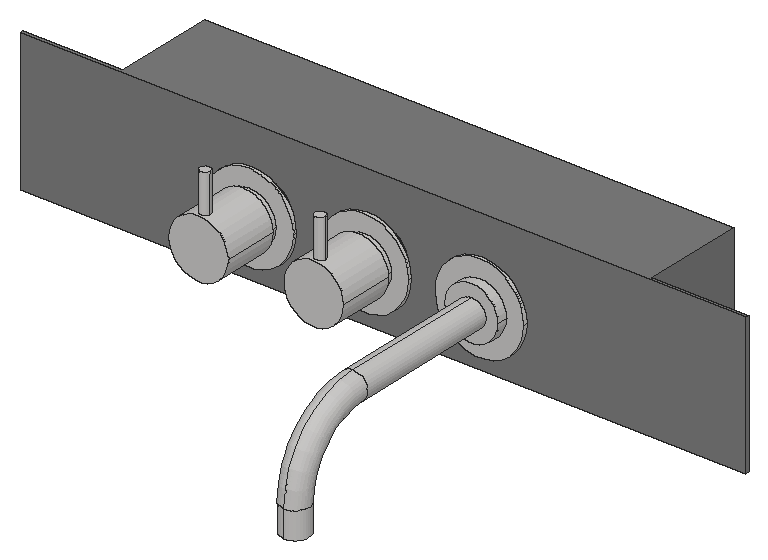
Revit family "611", category Plumbing Fixtures, Revit 2021
Family settings
  Round Connector Dimension = Use Diameter
  Part Type = Normal
  Work Plane-Based = No
  Always vertical = Yes
  Cut with Voids When Loaded = No
  Shared = No
  Room Calculation Point = No
Parameters
  e-mail = "info@vola.com"
  URL = "http://vola.com"
  Telephone = "+45 7023 5500"
  Quality management standard = "ISO 9001"
  Organisation no. / DUNS no. = "17531328"
  Occupational health and safety management standard = "ISO 18001"
  Mounting Instructions = "http://vola.com/service/producturl.ashx?name=611"
  Model = "611"
  Mixer Offset [instance] = 12.00 mm
  Mixer = yes
  Materials and components information = "http://vola.com/service/producturl.ashx?name=611"
  Manufacturer = "VOLA A/S"
  Maintenance Instructions = "http://vola.com/service/producturl.ashx?name=611"
  Guarantee = "2 years"
  Flow = "5,00 l/min"
  Environmental management standard = "ISO 14000"
  Default Elevation = 0.00 mm
  Connection - All relevant connections = "½\" for water connection"
  Approvals = "http://vola.com/service/producturl.ashx?name=611"
Reference planes
  plane 1 "Center (Front/Back)": y = 0
  plane 2: z = 0
  plane 3 "Center (Left/Right)": x = 0
  plane 4 "Mixer plane": y = 12
  plane 5 "Wall Surface": y = 0
Forms (mm)
  Extrusion 1, solid, material "Stainless Steel", visible <- "Mixer"
    sketch origin (-39, 12, -609.6) x (0, 0, -1) y (-1, 0, 0)
      loop
        circle (-609.6, 39) r 18
    from 0 to -12
  Extrusion 2, solid, material "Stainless Steel", visible <- "Mixer"
    sketch origin (-39, 12, -609.6) x (0, 0, -1) y (-1, 0, 0)
      loop
        circle (-609.6, -39) r 17
    from 0 to -12
  Extrusion 3, solid, material "Stainless Steel", visible <- "Mixer"
    sketch origin (-117, 12, -609.6) x (0, 0, -1) y (-1, 0, 0)
      loop
        circle (-609.6, 39) r 18
    from 0 to -12
Dimensions and locks
  "Mixer Offset": plane 4 "Mixer plane" to plane 1 "Center (Front/Back)"
  aligned and locked: plane 2 to level
  aligned and locked: plane 1 "Center (Front/Back)" to Extrusion 1
  aligned and locked: plane 1 "Center (Front/Back)" to Extrusion 2
  aligned and locked: nested 2 to plane 4 "Mixer plane"
  aligned and locked: plane 1 "Center (Front/Back)" to Extrusion 3
Automatic sketch dimensions
  Extrusion 1 sketch curve to level = 0.00 mm
  Extrusion 1 sketch curve to plane 3 "Center (Left/Right)" = 78.00 mm
  Extrusion 2 sketch curve to level = 0.00 mm
  Extrusion 2 sketch curve to plane 3 "Center (Left/Right)" = 0.00 mm
  Extrusion 3 sketch curve to level = 0.00 mm
  Extrusion 3 sketch curve to plane 3 "Center (Left/Right)" = 156.00 mm
  radius of Extrusion 1 sketch curve = 18.00 mm
  radius of Extrusion 2 sketch curve = 17.00 mm
  radius of Extrusion 3 sketch curve = 18.00 mm
Nested families
  nested 1: "001" at (0, 0, 0) x (1, 0, 0) z (0, -1, 0), type "001"
  nested 2: "600" at (-117, 83.5, -55), visible <- "Mixer", type "600"
  nested 3: "010" at (0, -2, 0), type "010"
  nested 4: "NR17" at (-78, -2, 0), type "NR17"
  nested 5: "NR17" at (-156, -2, 0), type "NR17"
  nested 6: "001" at (-78, 0, 0) x (1, 0, 0) z (0, -1, 0), type "001"
  nested 7: "001" at (-156, 0, 0) x (1, 0, 0) z (0, -1, 0), type "001"
Connectors
  piping at (-156, 60, -55), diameter 28
    settings: on nested 2, index 1, connector inside diameter 1.10236", connector length 0.00 mm, flow factor 0, pipe flow 0 GPM, pressure drop 0.00 psi, fitting loss kfactor 0, connector angle 0.00°, fixture units 0, engagement length 0.00 mm, angle of deflection 0.00°, flow configuration 0, flow direction 1, fitting loss method 0, system type 19, joint type 0, gender type 0, connector reference index -1, connector utility 0, adjustable connector no, is connector primary yes, connector description ""
  piping at (-78, 60, -55), diameter 28
    settings: on nested 2, index 2, connector inside diameter 1.10236", connector length 0.00 mm, flow factor 0, pipe flow 0 GPM, pressure drop 0.00 psi, fitting loss kfactor 0, connector angle 0.00°, fixture units 0, engagement length 0.00 mm, angle of deflection 0.00°, flow configuration 0, flow direction 1, fitting loss method 0, system type 20, joint type 0, gender type 0, connector reference index -1, connector utility 0, adjustable connector no, is connector primary no, connector description ""
Definition of nested family "001"
  Parameters
    e-mail = "info@vola.com"
    URL = "http://vola.com"
    Telephone = "+45 7023 5500"
    Quality management standard = "ISO 9001"
    Organisation no. / DUNS no. = "17531328"
    Occupational health and safety management standard = "ISO 18001"
    Mounting Instructions = "http://vola.com/service/producturl.ashx?name=001"
    Model = "001"
    Materials and components information = "http://vola.com/service/producturl.ashx?name=001"
    Manufacturer = "VOLA A/S"
    Maintenance Instructions = "http://vola.com/service/producturl.ashx?name=001"
    Guarantee = "2 years"
    Environmental management standard = "ISO 14000"
    Default Elevation = 1219.20 mm
    Connection - All relevant connections = ""
    Approvals = "http://vola.com/service/producturl.ashx?name=001"
  Reference planes
    plane 1 "Center (Front/Back)": y = 0
    plane 2: z = 0
    plane 3 "Center (Left/Right)": x = 0
  Forms (mm)
    Extrusion 1, solid
      sketch origin (0, 0, 0) x (1, 0, 0) y (0, 1, 0)
        loop
          circle (0, 0) r 16.5
        loop
          circle (0, 0) r 30
      from 0 to 2
  Dimensions and locks
    aligned and locked: plane 2 to level
Definition of nested family "600"
  Parameters
    e-mail = "info@vola.com"
    URL = "http://vola.com"
    Telephone = "+45 7023 5500"
    Quality management standard = "ISO 9001"
    Organisation no. / DUNS no. = "17531328"
    Occupational health and safety management standard = "ISO 18001"
    Mounting Instructions = "http://vola.com/service/producturl.ashx?name=600"
    Model = "600"
    Materials and components information = "http://vola.com/service/producturl.ashx?name=600"
    Manufacturer = "VOLA A/S"
    Maintenance Instructions = "http://vola.com/service/producturl.ashx?name=600"
    Guarantee = "2 years"
    Flow = "65,00 l/min"
    Environmental management standard = "ISO 14000"
    Default Elevation = 0.00 mm
    Connection - All relevant connections = ""
    Approvals = "http://vola.com/service/producturl.ashx?name=600"
  Reference planes
    plane 1 "Center (Front/Back)": y = 0
    plane 2: z = 0
    plane 3 "Center (Left/Right)": x = 0
    plane 4 "Front Plane": y = -71.5
    plane 5 "Inlet Center Plane": y = -23.5
    plane 6: z = 55
  Forms (mm)
    Extrusion 1, solid
      sketch origin (0, 0, -14) x (1, 0, 0) y (0, 1, 0)
        loop
          line (-137.5, 0) -> (-137.5, -69) -> (220.5, -69) -> (220.5, 0) -> (-137.5, 0)
      from 21.5 to 116.5
    Extrusion 2, solid
      sketch origin (51, 1.5, 7.5) x (0, 1, 0) y (1, 0, 0)
        loop
          circle (-25, -12) r 14
      from 0 to 7.5
    Extrusion 3, solid
      sketch origin (0, -1, -14) x (1, 0, 0) y (0, 1, 0)
        loop
          line (-205, -68) -> (-205, -70.5) -> (285.5, -70.5) -> (285.5, -68) -> (-205, -68)
      from 21.5 to 116.5
    Extrusion 4, solid
      sketch origin (-27, 1.5, 7.5) x (0, 1, 0) y (1, 0, 0)
        loop
          circle (-25, -12) r 14
      from 0 to 7.5
  Cuts and joins
    joined: Extrusion 1, Extrusion 3
  Lines and regions (mm)
    reference lines
      curve 1: line (-39, -23.5, 55) -> (-39, -111.5, 55)
      curve 2: line (39, -23.5, 55) -> (39, -109.5, 55)
      curve 3: line (39, -23.5, 55) -> (39, -23.5, -44)
      curve 4: line (-39, -23.5, 55) -> (-39, -23.5, -44)
      curve 5: line (117, -25.5, 55) -> (117, -111.5, 55)
      curve 6: line (117, -38, 55) -> (117, -38, 154)
      curve 7: line (117, -38, 55) -> (117, -38, -44)
  Dimensions and locks
    aligned and locked: plane 2 to level
    aligned and locked: plane 6 to curve 3
    aligned and locked: Extrusion 1 to Extrusion 3
    aligned and locked: Extrusion 3 to Extrusion 1
Definition of nested family "010"
  Parameters
    e-mail = "info@vola.com"
    URL = "http://vola.com"
    Telephone = "+45 7023 5500"
    Quality management standard = "ISO 9001"
    Organisation no. / DUNS no. = "17531328"
    Occupational health and safety management standard = "ISO 18001"
    Mounting Instructions = "http://vola.com/service/producturl.ashx?name=010"
    Model = "010"
    Materials and components information = "http://vola.com/service/producturl.ashx?name=010"
    Manufacturer = "VOLA A/S"
    Maintenance Instructions = "http://vola.com/service/producturl.ashx?name=010"
    Guarantee = "2 years"
    Flow = "0 l/min"
    Environmental management standard = "ISO 14000"
    Default Elevation = 0.00 mm
    Connection - All relevant connections = ""
    Approvals = "http://vola.com/service/producturl.ashx?name=010"
  Reference planes
    plane 1 "Center (Front/Back)": y = 0
    plane 2: z = 0
    plane 3 "Center (Left/Right)": x = 0
  Forms (mm)
    Extrusion 1, solid
      sketch origin (0, 0, 0) x (1, 0, 0) y (0, 0, 1)
        loop
          circle (0, 0) r 18
      from 0 to 7
    Sweep 2, solid
      path origin (0, 0, 0) x (0, 1, 0) y (0, 0, 1)
        loop
          line (-7, 0) -> (-107, 0)
          arc (-107, 0) -> (-141.648, -14.352) -> (-156, -49) r 49
      profile origin (0, -141.648, -14.352) x (0, 0.707107, -0.707107) y (1, 0, 0)
        loop
          circle (0, 0) r 9.5
    Extrusion 3, solid
      sketch origin (0, -156, -49) x (0, -1, 0) y (-1, 0, 0)
        loop
          circle (0, 0) r 9.5
      from 0 to 18
  Dimensions and locks
    aligned and locked: plane 2 to level
Definition of nested family "NR17"
  Parameters
    e-mail = "info@vola.com"
    URL = "http://vola.com"
    Telephone = "+45 7023 5500"
    Quality management standard = "ISO 9001"
    Organisation no. / DUNS no. = "17531328"
    Occupational health and safety management standard = "ISO 18001"
    Mounting Instructions = "http://vola.com/service/producturl.ashx?name=NR17"
    Model = "NR17"
    Materials and components information = "http://vola.com/service/producturl.ashx?name=NR17"
    Manufacturer = "VOLA A/S"
    Maintenance Instructions = "http://vola.com/service/producturl.ashx?name=NR17"
    Guarantee = "2 years"
    Environmental management standard = "ISO 14000"
    Default Elevation = 0.00 mm
    Connection - All relevant connections = ""
    Approvals = "http://vola.com/service/producturl.ashx?name=NR17"
  Reference planes
    plane 1 "Center (Front/Back)": y = 0
    plane 2: z = 0
    plane 3 "Center (Left/Right)": x = 0
  Forms (mm)
    Extrusion 1, solid
      sketch origin (0, 0, 0) x (1, 0, 0) y (0, 0, 1)
        loop
          circle (0, 0) r 20
      from 5 to 42.5
    Extrusion 2, solid
      sketch origin (0, -2.75, 0) x (0, -1, 0) y (1, 0, 0)
        loop
          circle (34.5, 0) r 3.5
      from 19 to 45.5
    Extrusion 3, solid
      sketch origin (0, 0, 0) x (1, 0, 0) y (0, 0, 1)
        loop
          circle (0, 0) r 18
      from 0 to 5
  Cuts and joins
    joined: Extrusion 1, Extrusion 2
  Dimensions and locks
    aligned and locked: plane 2 to level
